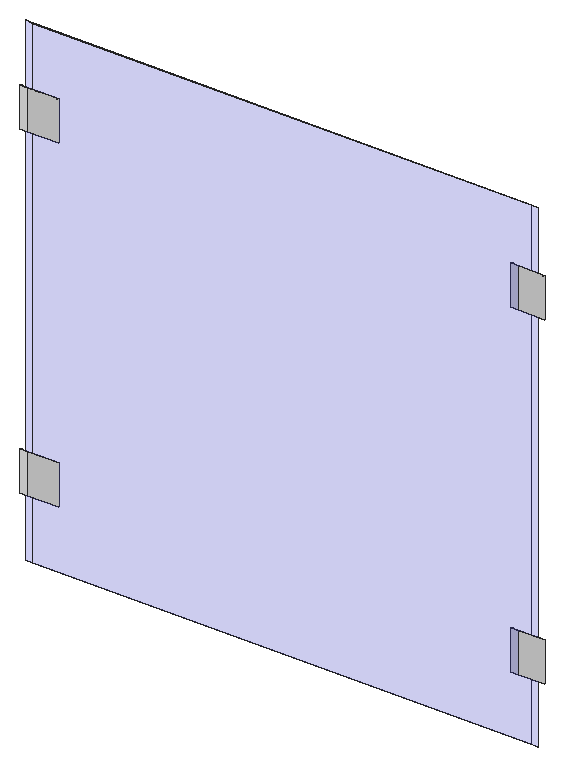
Revit family "Glazing Panel w fixings", category 난간동자, Revit 2026
Family settings
  항상 수직 = 예
  로드될 때 보이드를 사용하여 절단 = 아니오
  공유 = 아니오
Parameters
  Width = 1000 mm
  Vertical Gap = 10 mm
  built-in parameter 1008623 [instance] = (empty or 0)
  built-in parameter 1008625 [instance] = 35.00°
  Post = no
  built-in parameter 1008624 [instance] = (empty or 0)
  built-in parameter 1008622 [instance] = 750 mm
Reference planes
  plane 1 "Center (Front/Back)": y = 0
  plane 2: z = 0
  plane 3 "Center (Left/Right)": x = 0
  plane 4 "Top": z = 750
  plane 5 "Top Cut Angle": through (0, 352.385, 503.258) normal (0, -0.5736, -0.8192)
  plane 6 "Bottom Cut Angle": through (0, 0, 0) normal (0, -0.5736, -0.8192)
  plane 7 "Front": y = 500
  plane 8 "Back": y = -500
  plane 9: y = -490
  plane 10: y = 490
  plane 11: through (0, 57.358, 81.915) normal (0, -0.5736, -0.8192)
  plane 12: y = -440
  plane 13: through (0, 295.027, 421.342) normal (0, -0.5736, -0.8192)
  plane 14: y = 450
Forms (mm)
  Extrusion 1, solid, material "Glass"
    sketch origin (0, 0, 0) x (0, 1, 0) y (0, 0, 1)
      loop
        line (490, 406.898) -> (-490, 1093.102) -> (-490, 343.102) -> (490, -343.102) -> (490, 406.898)
    from -6 to 6
  Extrusion 2, solid, material "Metal - Steel"
    sketch origin (0, 0, 0) x (0, 1, 0) y (0, 0, 1)
      loop
        line (-500, 441.662) -> (-440, 399.649) -> (-440, 460.688) -> (-500, 502.701) -> (-500, 441.662)
      loop
        line (-500, 947.507) -> (-440, 905.494) -> (-440, 966.533) -> (-500, 1008.546) -> (-500, 947.507)
      loop
        line (500, -197.507) -> (450, -162.497) -> (450, -223.535) -> (500, -258.546) -> (500, -197.507)
      loop
        line (500, 308.338) -> (450, 343.349) -> (450, 282.31) -> (500, 247.299) -> (500, 308.338)
    from -6 to 6
Text (mm)
  text "Baluster Panel Elevation" at (0, 774.199, 1016.929), in view "Left"
Dimensions and locks
  "built-in parameter 1008622": plane 2 to plane 4 "Top"
  equal spacing: plane 7 "Front", plane 1 "Center (Front/Back)", plane 8 "Back"
  "Width": plane 7 "Front" to plane 8 "Back"
  "Vertical Gap": plane 8 "Back" to plane 9
  "Vertical Gap": plane 10 to plane 7 "Front"
  plane 6 "Bottom Cut Angle" to plane 11 = 100 mm
  locked: Extrusion 1 to plane 12 at 50
  locked: plane 13 to plane 5 "Top Cut Angle" at 100
  locked: plane 14 to plane 7 "Front" at 50
  equal spacing: Extrusion 2 sketch curve, plane 11, Extrusion 2 sketch curve
  locked: Extrusion 2 sketch curve to Extrusion 2 sketch curve at 50  (x2)
  equal spacing: Extrusion 2 sketch curve, plane 13, Extrusion 2 sketch curve
  "built-in parameter 1008625": angle plane 4 "Top" to plane 5 "Top Cut Angle"
  "built-in parameter 1008625": angle level to plane 6 "Bottom Cut Angle"
  aligned and locked: Extrusion 1 sketch curve to plane 5 "Top Cut Angle"
  aligned and locked: Extrusion 1 sketch curve to plane 6 "Bottom Cut Angle"
  aligned and locked: Extrusion 1 sketch curve to plane 9
  aligned and locked: plane 10 to Extrusion 1 sketch curve
  aligned and locked: Extrusion 2 sketch curve to plane 12
  aligned and locked: plane 12 to Extrusion 2 sketch curve
  aligned and locked: Extrusion 2 sketch curve to plane 14  (x2)
Automatic sketch dimensions
  Extrusion 2 sketch curve to plane 8 "Back" = 0 mm  (x2)
  Extrusion 2 sketch curve to plane 12 = 0 mm
  Extrusion 2 sketch curve to plane 7 "Front" = 0 mm  (x2)
  plane 11 to Extrusion 2 sketch curve = 25 mm  (x2)
  plane 13 to Extrusion 2 sketch curve = 25 mm  (x2)
  Extrusion 2 sketch curve to plane 13 = 25 mm  (x2)
  Extrusion 2 sketch curve to plane 11 = 25 mm  (x2)
